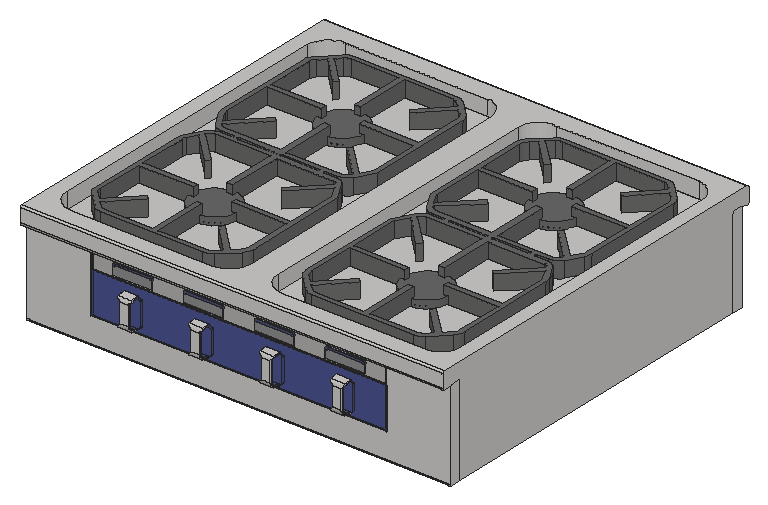
Revit family "QF_ELECTROLUXPROFESSIONAL_593307_MCGDABEOVO", category Specialty Equipment, Revit 2018
Family settings
  Round Connector Dimension = Use Diameter
  Part Type = Normal
  Work Plane-Based = No
  Always vertical = Yes
  Cut with Voids When Loaded = No
  Shared = No
  Room Calculation Point = No
Parameters (values of type "Standard")
  Weight = 41.00 kg
  Watts = 0 W
  Volts = 0 V
  URL Manufacturer = "http://professional.electrolux.com"
  URL = "http://professional.electrolux.com"
  Steam Supply Size = 0"
  Steam Supply Minimum Pressure = 0.00 psi
  Steam Supply Maximum Pressure = 0.00 psi
  Steam Pounds per Hour = 0
  Refrigeration Suction Line Size = 0 mm
  Refrigeration Liquid Line Size = 0 mm
  Refrigerant Compressor Remote = yes
  Phase = 0
  Model = "MCGDABEOVO"
  Manufacturer = "Electrolux Professional"
  Length Actual = 500 mm  # constant formula
  Item Number = "593307"
  Hot Water Size = 0"
  Height Actual = 250 mm  # constant formula
  HP = "0 HP"
  Gas Size = 1/2"
  Gas KW = 17
  Gas Input Pressure = 1.63571 Btu/h
  Direct Waste Size = 0"
  Description = "GAS TOP,2B,TOWNGAS,1S,BS,500X900X250H"
  Depth Actual = 900 mm  # constant formula
  Cycle = 0 Hz
  Condensate Return Size = 0"
  Compressed Air Volume = 0 GPM
  Compressed Air Size = 0"
  Compressed Air Pressure = 0.00 psi
  Cold Water Size = 0"
  Back Panel [instance] = yes
  Accessory = yes
Reference planes
  plane 1 "BACK": y = 0
  plane 2: z = 0
  plane 3 "LEFT": x = 0
  plane 4 "RIGHT": x = 1000
  plane 5 "FRONT": y = -900
  plane 6 "TOP": z = 250
  plane 7: x = 500
  plane 8: y = -450
  plane 9: z = 370
  plane 10: x = 965
  plane 11: y = -60.425
Forms (mm)
  Extrusion 1, solid, material "QF_Finishes_Stainless Steel"
    sketch origin (0, -487.128, 0) x (0, 1, 0) y (0, 0, 1)
      loop
        line (483.128, 250) -> (-408.872, 250)
        arc (-408.872, 250) -> (-411.7, 248.828) -> (-412.872, 246) r 4
        line (-412.872, 246) -> (-412.872, 214)
        arc (-412.872, 214) -> (-411.437, 210.931) -> (-408.161, 210.064) r 4
        line (-408.161, 210.064) -> (-392.872, 213) -> (-367.872, 213) -> (-367.872, 0) -> (441.714, 0) -> (441.714, 213) -> (465.765, 213) -> (482.433, 210.061)
        arc (482.433, 210.061) -> (485.699, 210.936) -> (487.128, 214) r 4
        line (487.128, 214) -> (487.128, 246)
        arc (487.128, 246) -> (485.956, 248.828) -> (483.128, 250) r 4
    from 0 to 1000
  Extrusion 2, solid, material "QF_Finishes_Stainless Steel", visible <- "Back Panel"
    sketch origin (0, 0.586, 0) x (0, 1, 0) y (0, 0, 1)
      loop
        line (-46, 0) -> (-21, 0) -> (-21, 212.833) -> (-21.949, 213) -> (-46, 213) -> (-46, 0)
    from 0 to 1000
  Extrusion 3, void
    sketch origin (653.786, 44.048, 250) x (1, 0, 0) y (0, -1, 0)
      loop
        line (-570.234, 89.462) -> (-234.333, 89.462)
        arc (-234.333, 89.462) -> (-199.707, 103.805) -> (-185.364, 138.432) r 48.97
        line (-185.364, 138.432) -> (-185.364, 850.078)
        arc (-185.364, 850.078) -> (-199.707, 884.705) -> (-234.333, 899.048) r 48.97
        line (-234.333, 899.048) -> (-570.234, 899.048)
        arc (-570.234, 899.048) -> (-605.59, 884.403) -> (-620.234, 849.048) r 50
        line (-620.234, 849.048) -> (-620.234, 139.462)
        arc (-620.234, 139.462) -> (-605.59, 104.107) -> (-570.234, 89.462) r 50
      loop
        line (264.679, 899.048) -> (-71.222, 899.048)
        arc (-71.222, 899.048) -> (-106.577, 884.403) -> (-121.222, 849.048) r 50
        line (-121.222, 849.048) -> (-121.222, 139.462)
        arc (-121.222, 139.462) -> (-106.577, 104.107) -> (-71.222, 89.462) r 50
        line (-71.222, 89.462) -> (264.679, 89.462)
        arc (264.679, 89.462) -> (299.306, 103.805) -> (313.649, 138.432) r 48.97
        line (313.649, 138.432) -> (313.649, 850.078)
        arc (313.649, 850.078) -> (299.306, 884.705) -> (264.679, 899.048) r 48.97
    from 0 to 37
  Extrusion 4, solid, material "QF_Finishes_Stainless Steel"
    sketch origin (10, -759, 0) x (1, 0, 0) y (0, -1, 0)
      loop
        circle (955, -169) r 6.35
    from 0 to 3.2
Cuts and joins
  Extrusion 3 cuts Extrusion 1
Lines and regions (mm)
  symbolic lines
    curve 1: line (0, 0, 0) -> (1000, 0, 0)
    curve 2: line (0, -900, 0) -> (0, 0, 0)
    curve 3: line (1000, -900, 0) -> (0, -900, 0)
    curve 4: line (1000, 0, 0) -> (1000, -900, 0)
    curve 5: arc (83.552, -855, 0) -> (48.197, -840.355, 0) -> (33.552, -805, 0) r 50
    curve 6: line (33.552, -805, 0) -> (33.552, -95.414, 0)
    curve 7: arc (33.552, -95.414, 0) -> (48.197, -60.059, 0) -> (83.552, -45.414, 0) r 50
    curve 8: line (83.552, -45.414, 0) -> (417.592, -45.414, 0)
    curve 9: arc (918.465, -45.414, 0) -> (953.092, -59.757, 0) -> (967.435, -94.384, 0) r 48.97
    curve 10: line (967.435, -94.384, 0) -> (967.435, -806.03, 0)
    curve 11: arc (967.435, -806.03, 0) -> (953.092, -840.657, 0) -> (918.465, -855, 0) r 48.97
    curve 12: line (918.465, -855, 0) -> (582.408, -855, 0)
    curve 13: line (582.408, -45.414, 0) -> (918.465, -45.414, 0)
    curve 14: line (417.592, -855, 0) -> (83.552, -855, 0)
    curve 15: arc (582.408, -855, 0) -> (547.053, -840.355, 0) -> (532.408, -805, 0) r 50
    curve 16: line (532.408, -805, 0) -> (532.408, -95.414, 0)
    curve 17: arc (532.408, -95.414, 0) -> (547.053, -60.059, 0) -> (582.408, -45.414, 0) r 50
    curve 18: arc (417.592, -855, 0) -> (452.947, -840.355, 0) -> (467.592, -805, 0) r 50
    curve 19: line (467.592, -805, 0) -> (467.592, -95.414, 0)
    curve 20: arc (467.592, -95.414, 0) -> (452.947, -60.059, 0) -> (417.592, -45.414, 0) r 50
Dimensions and locks
  plane 3 "LEFT" to plane 4 "RIGHT" = 1000 mm
  plane 5 "FRONT" to plane 1 "BACK" = 900 mm
  equal spacing: plane 3 "LEFT", plane 7, plane 4 "RIGHT"
  equal spacing: plane 5 "FRONT", plane 8, plane 1 "BACK"
  plane 6 "TOP" to level = 250 mm  (x2)
  plane 1 "BACK" to plane 5 "FRONT" = 900 mm
  Extrusion 4 sketch curve to plane 1 "BACK" = 590 mm
  Extrusion 4 sketch curve to plane 4 "RIGHT" = 35 mm
  plane 1 "BACK" to Extrusion 4 = 590 mm
  plane 10 to plane 4 "RIGHT" = 35 mm
  aligned and locked: level to plane 2
  aligned and locked: Extrusion 1 to plane 4 "RIGHT"
Automatic sketch dimensions
  Extrusion 1 sketch curve to plane 5 "FRONT" = 0 mm
  Extrusion 1 sketch curve to plane 6 "TOP" = 0 mm
  Extrusion 1 sketch curve to level = 0 mm
  Extrusion 1 sketch curve to plane 1 "BACK" = 0 mm
  Extrusion 1 sketch curve to plane 6 "TOP" = 37 mm  (x2)
  Extrusion 1 sketch curve to plane 5 "FRONT" = 4 mm
  Extrusion 1 sketch curve to plane 5 "FRONT" = 20 mm
  Extrusion 1 sketch curve to plane 5 "FRONT" = 45 mm
  plane 1 "BACK" to Extrusion 1 sketch curve = 21.363 mm
  plane 1 "BACK" to Extrusion 1 sketch curve = 4 mm  (x2)
  Extrusion 1 sketch curve to Extrusion 1 sketch curve = 4 mm
  Extrusion 1 sketch curve to Extrusion 1 sketch curve = 0.711 mm
  plane 1 "BACK" to Extrusion 1 sketch curve = 4.695 mm
  Extrusion 1 sketch curve to Extrusion 1 sketch curve = 0 mm  (x2)
  Extrusion 1 sketch curve to Extrusion 1 sketch curve = 1 mm  (x2)
  plane 1 "BACK" to Extrusion 1 sketch curve = 45.414 mm
  Extrusion 2 sketch curve to level = 0 mm
  plane 11 to Extrusion 2 sketch curve = 15.012 mm
  Extrusion 2 sketch curve to plane 6 "TOP" = 37.167 mm
  Extrusion 2 sketch curve to Extrusion 2 sketch curve = 0.949 mm
  plane 1 "BACK" to Extrusion 2 sketch curve = 20.414 mm
  Extrusion 2 sketch curve to plane 6 "TOP" = 37 mm
  plane 1 "BACK" to curve 1 = 0 mm
  curve 1 to plane 4 "RIGHT" = 0 mm
  curve 3 to plane 3 "LEFT" = 0 mm
  plane 5 "FRONT" to curve 3 = 0 mm
  curve 10 to plane 10 = 2.435 mm
  plane 11 to curve 13 = 15.012 mm
  plane 10 to curve 13 = 46.535 mm
  plane 10 to curve 12 = 46.535 mm
  plane 7 to curve 16 = 32.408 mm
  curve 19 to plane 7 = 32.408 mm
  plane 3 "LEFT" to curve 8 = 83.552 mm
  plane 3 "LEFT" to curve 14 = 83.552 mm
  plane 3 "LEFT" to curve 6 = 33.552 mm
  curve 15 to curve 16 = 50 mm
  curve 20 to plane 11 = 34.988 mm
  curve 18 to plane 5 "FRONT" = 45 mm
  curve 19 to curve 18 = 50 mm
  Extrusion 1 to Extrusion 3 sketch curve = 33.552 mm
  Extrusion 1 to Extrusion 3 sketch curve = 41 mm  (x2)
  Extrusion 3 sketch curve to Extrusion 3 sketch curve = 50 mm  (x4)
  Extrusion 1 to Extrusion 3 sketch curve = 41.414 mm
  Extrusion 3 sketch curve to Extrusion 3 sketch curve = 335.901 mm  (x2)
  Extrusion 3 sketch curve to Extrusion 3 sketch curve = 48.97 mm
  Extrusion 3 sketch curve to Extrusion 3 sketch curve = 64.142 mm
  Extrusion 1 to Extrusion 3 sketch curve = 81.535 mm  (x2)
  Extrusion 1 to Extrusion 3 sketch curve = 32.565 mm
  Extrusion 3 sketch curve to Extrusion 3 sketch curve = 1.03 mm
  curve 18 to curve 16 = 0 mm
  plane 11 to curve 8 = 15.012 mm
  curve 16 to plane 11 = 34.988 mm
  radius of Extrusion 4 sketch curve = 6.35 mm
Nested families
  nested 1: "OBT_900_Open Burner" at (250, -450.207, -649.319), type "OBT_900_Open Burner"
  nested 2: "OBT_900_Open Burner" at (750, -450.207, -649.319) x (-1, 0, 0) z (0, 0, 1), type "OBT_900_Open Burner"
  nested 3: "EG_900_1000_Four Range Control Handle Front Panel" at (202.376, -855, -650), type "EG_900_1000_Four Range Control Handle Front Panel"
Connectors
  piping at (965, -590, -3.2), diameter 12.8
    settings: on Extrusion 4, index 1, connector inside diameter 0.50394", connector length 0 mm, flow factor 0, pipe flow 0 GPM, pressure drop 0.00 psi, fitting loss kfactor 0, connector angle 0.00°, fixture units 0, engagement length 0 mm, angle of deflection 0.00°, flow configuration 1, flow direction 1, fitting loss method 0, system type 7, joint type 0, gender type 0, connector reference index -1, connector utility 0, adjustable connector no, is connector primary yes, connector description "GAS CONNECTION"
Definition of nested family "OBT_900_Open Burner"
  Reference planes
    plane 1 "Center (Front/Back)": y = 0
    plane 2: z = 0
    plane 3 "Center (Left/Right)": x = 0
    plane 4: x = -186.448
    plane 5: x = 187.435
    plane 6: y = 374.793
    plane 7: y = -374.793
    plane 8: y = -188.326
  Forms (mm)
    Extrusion 1, solid
      sketch origin (2130.573, 56.896, -679.622) x (1, 0, 0) y (0, 1, 0)
        loop
          line (-2137.44, 306.49) -> (-2250.793, 306.49)
          arc (-2250.793, 306.49) -> (-2257.908, 305.075) -> (-2263.94, 301.044) r 18.593
          line (-2263.94, 301.044) -> (-2276.233, 288.751) -> (-2213.48, 225.998) -> (-2221.6, 217.877) -> (-2284.354, 280.631) -> (-2300.33, 264.654)
          arc (-2300.33, 264.654) -> (-2304.433, 258.337) -> (-2305.614, 250.897) r 18.125
          line (-2305.614, 250.897) -> (-2305.614, 138.422) -> (-2175.79, 138.422) -> (-2175.79, 126.938) -> (-2305.614, 126.938) -> (-2305.614, 10.897)
          arc (-2305.614, 10.897) -> (-2304.981, 6.085) -> (-2303.123, 1.601) r 18.593
          line (-2303.123, 1.601) -> (-2290.078, -20.994) -> (-2221.6, 47.483) -> (-2213.48, 39.363) -> (-2284.012, -31.169)
          arc (-2284.012, -31.169) -> (-2278.546, -38.527) -> (-2270.23, -42.379) r 18.593
          line (-2270.23, -42.379) -> (-2137.44, -42.379) -> (-2137.44, 87.464) -> (-2123.707, 87.464) -> (-2123.707, -42.379) -> (-1989.813, -42.379)
          arc (-1989.813, -42.379) -> (-1981.496, -38.527) -> (-1976.031, -31.169) r 18.593
          line (-1976.031, -31.169) -> (-2047.115, 39.915) -> (-2038.994, 48.035) -> (-1969.962, -20.997) -> (-1954.428, 5.916) -> (-1954.428, 126.938) -> (-2085.357, 126.938) -> (-2085.357, 138.422) -> (-1954.428, 138.422) -> (-1954.428, 247.888)
          arc (-1954.428, 247.888) -> (-1956.538, 258.496) -> (-1962.547, 267.489) r 27.72
          line (-1962.547, 267.489) -> (-1975.689, 280.631) -> (-2038.994, 217.325) -> (-2047.115, 225.446) -> (-1983.809, 288.751) -> (-1996.102, 301.044)
          arc (-1996.102, 301.044) -> (-2002.134, 305.075) -> (-2009.25, 306.49) r 18.593
          line (-2009.25, 306.49) -> (-2123.707, 306.49) -> (-2123.707, 177.897) -> (-2137.44, 177.897) -> (-2137.44, 306.49)
        loop
          arc (-2317.021, 10.897) -> (-2315.999, 3.132) -> (-2313.002, -4.103) r 30
          line (-2313.002, -4.103) -> (-2292.795, -39.103)
          arc (-2292.795, -39.103) -> (-2281.814, -50.084) -> (-2266.814, -54.103) r 30
          line (-2266.814, -54.103) -> (-2239.287, -54.103)
          arc (-2239.287, -54.103) -> (-2238.243, -56) -> (-2236.272, -56.896) r 3.438
          arc (-2236.272, -56.896) -> (-2238.243, -57.792) -> (-2239.287, -59.689) r 3.438
          line (-2239.287, -59.689) -> (-2266.814, -59.689)
          arc (-2266.814, -59.689) -> (-2281.814, -63.708) -> (-2292.795, -74.689) r 30
          line (-2292.795, -74.689) -> (-2313.002, -109.689)
          arc (-2313.002, -109.689) -> (-2315.999, -116.924) -> (-2317.021, -124.689) r 30
          line (-2317.021, -124.689) -> (-2317.021, -365.461)
          arc (-2317.021, -365.461) -> (-2314.738, -376.941) -> (-2308.234, -386.674) r 30
          line (-2308.234, -386.674) -> (-2271.975, -422.933)
          arc (-2271.975, -422.933) -> (-2262.253, -429.414) -> (-2250.793, -431.689) r 30
          line (-2250.793, -431.689) -> (-2009.25, -431.689)
          arc (-2009.25, -431.689) -> (-1997.786, -429.412) -> (-1988.062, -422.928) r 30
          line (-1988.062, -422.928) -> (-1951.808, -386.674)
          arc (-1951.808, -386.674) -> (-1945.305, -376.941) -> (-1942.982, -365.461) r 30
          line (-1942.982, -365.461) -> (-1942.982, -116.719) -> (-1967.248, -74.689)
          arc (-1967.248, -74.689) -> (-1978.229, -63.708) -> (-1993.229, -59.689) r 30
          line (-1993.229, -59.689) -> (-2020.319, -59.689)
          arc (-2020.319, -59.689) -> (-2021.979, -57.759) -> (-2024.375, -56.896) r 5
          arc (-2024.375, -56.896) -> (-2021.979, -56.033) -> (-2020.319, -54.103) r 5
          line (-2020.319, -54.103) -> (-1993.229, -54.103)
          arc (-1993.229, -54.103) -> (-1978.229, -50.084) -> (-1967.248, -39.103) r 30
          line (-1967.248, -39.103) -> (-1943.138, 2.656) -> (-1943.138, 254.314)
          arc (-1943.138, 254.314) -> (-1945.839, 264.361) -> (-1951.808, 272.882) r 30
          line (-1951.808, 272.882) -> (-1988.062, 309.136)
          arc (-1988.062, 309.136) -> (-1997.786, 315.62) -> (-2009.25, 317.897) r 30
          line (-2009.25, 317.897) -> (-2250.793, 317.897)
          arc (-2250.793, 317.897) -> (-2262.253, 315.622) -> (-2271.975, 309.141) r 30
          line (-2271.975, 309.141) -> (-2308.234, 272.882)
          arc (-2308.234, 272.882) -> (-2314.738, 263.149) -> (-2317.021, 251.669) r 30
          line (-2317.021, 251.669) -> (-2317.021, 10.897)
        loop
          arc (-2122.397, -54.103) -> (-2124.057, -56.033) -> (-2126.452, -56.896) r 5
          arc (-2126.452, -56.896) -> (-2124.057, -57.759) -> (-2122.397, -59.689) r 5
          line (-2122.397, -59.689) -> (-2035.829, -59.689)
          arc (-2035.829, -59.689) -> (-2034.784, -57.792) -> (-2032.813, -56.896) r 3.438
          arc (-2032.813, -56.896) -> (-2034.784, -56) -> (-2035.829, -54.103) r 3.438
          line (-2035.829, -54.103) -> (-2122.397, -54.103)
        loop
          arc (-2223.778, -54.103) -> (-2225.438, -56.033) -> (-2227.833, -56.896) r 5
          arc (-2227.833, -56.896) -> (-2225.438, -57.759) -> (-2223.778, -59.689) r 5
          line (-2223.778, -59.689) -> (-2137.906, -59.689)
          arc (-2137.906, -59.689) -> (-2136.862, -57.792) -> (-2134.891, -56.896) r 3.438
          arc (-2134.891, -56.896) -> (-2136.862, -56) -> (-2137.906, -54.103) r 3.438
          line (-2137.906, -54.103) -> (-2223.778, -54.103)
        loop
          line (-2137.44, -420.282) -> (-2137.44, -290.439) -> (-2123.707, -290.439) -> (-2123.707, -420.282) -> (-2009.25, -420.282)
          arc (-2009.25, -420.282) -> (-2002.134, -418.867) -> (-1996.102, -414.836) r 18.593
          line (-1996.102, -414.836) -> (-1983.184, -401.918) -> (-2047.115, -337.988) -> (-2038.994, -329.867) -> (-1975.064, -393.798) -> (-1962.547, -381.281)
          arc (-1962.547, -381.281) -> (-1956.538, -372.288) -> (-1954.428, -361.68) r 27.72
          line (-1954.428, -361.68) -> (-1954.428, -250.964) -> (-2085.357, -250.964) -> (-2085.357, -239.48) -> (-1954.428, -239.48) -> (-1954.428, -119.708) -> (-1970.42, -92.003) -> (-2038.994, -160.577) -> (-2047.115, -152.457) -> (-1976.413, -81.755)
          arc (-1976.413, -81.755) -> (-1981.868, -74.971) -> (-1989.813, -71.413) r 18.593
          line (-1989.813, -71.413) -> (-2123.707, -71.413) -> (-2123.707, -200.006) -> (-2137.44, -200.006) -> (-2137.44, -71.413) -> (-2270.23, -71.413)
          arc (-2270.23, -71.413) -> (-2278.175, -74.971) -> (-2283.629, -81.755) r 18.593
          line (-2283.629, -81.755) -> (-2213.48, -151.905) -> (-2221.6, -160.025) -> (-2289.62, -92.005) -> (-2303.123, -115.393)
          arc (-2303.123, -115.393) -> (-2304.981, -119.877) -> (-2305.614, -124.689) r 18.593
          line (-2305.614, -124.689) -> (-2305.614, -239.48) -> (-2175.79, -239.48) -> (-2175.79, -250.964) -> (-2305.614, -250.964) -> (-2305.614, -364.689)
          arc (-2305.614, -364.689) -> (-2304.433, -372.129) -> (-2300.33, -378.446) r 18.125
          line (-2300.33, -378.446) -> (-2284.979, -393.798) -> (-2221.6, -330.419) -> (-2213.48, -338.54) -> (-2276.858, -401.918) -> (-2263.94, -414.836)
          arc (-2263.94, -414.836) -> (-2257.908, -418.867) -> (-2250.793, -420.282) r 18.593
          line (-2250.793, -420.282) -> (-2137.44, -420.282)
      from 1542.072 to 1578.941
    Extrusion 2, solid
      sketch origin (2130.573, 61.122, 0) x (1, 0, 0) y (0, 1, 0)
        loop
          circle (-2130.573, -249.448) r 55
        loop
          circle (-2130.573, 128.455) r 55
      from 862.45 to 879.837
    Extrusion 3, void
      sketch origin (-124.371, -355.785, -22.784) x (-0.587785, -0.809017, 0) y (0, 0, 1)
        loop
          circle (-213.495, 891.283) r 1
      from -67.69 to -35.114
    Extrusion 4, void
      sketch origin (-89.903, -376.417, -22.784) x (-0.422618, -0.906308, 0) y (0, 0, 1)
        loop
          circle (-213.495, 891.283) r 1
      from -74.826 to -35.114
    Extrusion 5, void
      sketch origin (-52.131, -390.093, -22.784) x (-0.241922, -0.970296, 0) y (0, 0, 1)
        loop
          circle (-213.495, 891.283) r 1
      from -67.69 to -35.114
    Extrusion 6, void
      sketch origin (27.702, -394.842, -22.784) x (0.139173, -0.990268, 0) y (0, 0, 1)
        loop
          circle (-213.495, 891.283) r 1
      from -67.69 to -35.114
    Extrusion 7, void
      sketch origin (66.829, -385.74, -22.784) x (0.325568, -0.945519, 0) y (0, 0, 1)
        loop
          circle (-213.495, 891.283) r 1
      from -67.69 to -35.114
    Extrusion 8, void
      sketch origin (103.5, -369.339, -22.784) x (0.5, -0.866025, 0) y (0, 0, 1)
        loop
          circle (-213.495, 891.283) r 1
      from -67.69 to -35.114
    Extrusion 9, void
      sketch origin (136.368, -346.242, -22.784) x (0.656059, -0.75471, 0) y (0, 0, 1)
        loop
          circle (-213.495, 891.283) r 1
      from -67.69 to -35.114
    Extrusion 10, void
      sketch origin (164.225, -317.298, -22.784) x (0.788011, -0.615661, 0) y (0, 0, 1)
        loop
          circle (-213.495, 891.283) r 1
      from -67.69 to -35.114
    Extrusion 11, void
      sketch origin (186.048, -283.571, -22.784) x (0.891007, -0.45399, 0) y (0, 0, 1)
        loop
          circle (-213.495, 891.283) r 1
      from -67.69 to -35.114
    Extrusion 12, void
      sketch origin (201.034, -246.299, -22.784) x (0.961262, -0.275637, 0) y (0, 0, 1)
        loop
          circle (-213.495, 891.283) r 1
      from -67.69 to -35.114
    Extrusion 13, void
      sketch origin (208.566, -166.681, -22.784) x (0.994522, 0.104528, 0) y (0, 0, 1)
        loop
          circle (-213.495, 891.283) r 1
      from -67.69 to -35.114
    Extrusion 14, void
      sketch origin (200.835, -127.26, -22.784) x (0.956305, 0.292372, 0) y (0, 0, 1)
        loop
          circle (-213.495, 891.283) r 1
      from -67.69 to -35.114
    Extrusion 15, void
      sketch origin (185.724, -90.039, -22.784) x (0.882948, 0.469472, 0) y (0, 0, 1)
        loop
          circle (-213.495, 891.283) r 1
      from -67.69 to -35.114
    Extrusion 16, void
      sketch origin (163.788, -56.385, -22.784) x (0.777146, 0.62932, 0) y (0, 0, 1)
        loop
          circle (-213.495, 891.283) r 1
      from -67.69 to -35.114
    Extrusion 17, void
      sketch origin (135.834, -27.534, -22.784) x (0.642788, 0.766044, 0) y (0, 0, 1)
        loop
          circle (-213.495, 891.283) r 1
      from -67.69 to -35.114
    Extrusion 18, void
      sketch origin (102.889, -4.548, -22.784) x (0.48481, 0.87462, 0) y (0, 0, 1)
        loop
          circle (-213.495, 891.283) r 1
      from -67.69 to -35.114
    Extrusion 19, void
      sketch origin (66.163, 11.73, -22.784) x (0.309017, 0.951057, 0) y (0, 0, 1)
        loop
          circle (-213.495, 891.283) r 1
      from -67.69 to -35.114
    Extrusion 20, void
      sketch origin (-52.811, 15.685, -22.784) x (-0.258819, 0.965926, 0) y (0, 0, 1)
        loop
          circle (-213.495, 891.283) r 1
      from -67.69 to -35.114
    Extrusion 21, void
      sketch origin (-90.537, 1.882, -22.784) x (-0.438371, 0.898794, 0) y (0, 0, 1)
        loop
          circle (-213.495, 891.283) r 1
      from -67.69 to -35.114
    Extrusion 22, void
      sketch origin (-124.936, -18.865, -22.784) x (-0.601815, 0.798636, 0) y (0, 0, 1)
        loop
          circle (-213.495, 891.283) r 1
      from -67.69 to -35.114
    Extrusion 23, void
      sketch origin (-154.744, -45.796, -22.784) x (-0.743145, 0.669131, 0) y (0, 0, 1)
        loop
          circle (-213.495, 891.283) r 1
      from -67.69 to -35.114
    Extrusion 24, void
      sketch origin (-178.866, -77.919, -22.784) x (-0.857167, 0.515038, 0) y (0, 0, 1)
        loop
          circle (-213.495, 891.283) r 1
      from -67.69 to -35.114
    Extrusion 25, void
      sketch origin (-196.416, -114.054, -22.784) x (-0.939693, 0.34202, 0) y (0, 0, 1)
        loop
          circle (-213.495, 891.283) r 1
      from -67.69 to -35.114
    Extrusion 26, void
      sketch origin (-204.521, -232.817, -22.784) x (-0.97437, -0.224951, 0) y (0, 0, 1)
        loop
          circle (-213.495, 891.283) r 1
      from -67.69 to -35.114
    Extrusion 27, void
      sketch origin (-192.043, -271.002, -22.784) x (-0.913545, -0.406737, 0) y (0, 0, 1)
        loop
          circle (-213.495, 891.283) r 1
      from -67.69 to -35.114
    Extrusion 28, void
      sketch origin (-172.509, -306.104, -22.784) x (-0.819152, -0.573576, 0) y (0, 0, 1)
        loop
          circle (-213.495, 891.283) r 1
      from -67.69 to -35.114
    Extrusion 29, void
      sketch origin (-146.635, -336.834, -22.784) x (-0.694658, -0.71934, 0) y (0, 0, 1)
        loop
          circle (-213.495, 891.283) r 1
      from -67.69 to -35.114
    Extrusion 30, void
      sketch origin (-124.371, 22.118, -22.784) x (-0.587785, -0.809017, 0) y (0, 0, 1)
        loop
          circle (-213.495, 891.283) r 1
      from -67.69 to -35.114
    Extrusion 31, void
      sketch origin (-89.903, 1.485, -22.784) x (-0.422618, -0.906308, 0) y (0, 0, 1)
        loop
          circle (-213.495, 891.283) r 1
      from -74.826 to -35.114
    Extrusion 32, void
      sketch origin (-52.131, -12.191, -22.784) x (-0.241922, -0.970296, 0) y (0, 0, 1)
        loop
          circle (-213.495, 891.283) r 1
      from -67.69 to -35.114
    Extrusion 33, void
      sketch origin (27.702, -16.939, -22.784) x (0.139173, -0.990268, 0) y (0, 0, 1)
        loop
          circle (-213.495, 891.283) r 1
      from -67.69 to -35.114
    Extrusion 34, void
      sketch origin (66.829, -7.837, -22.784) x (0.325568, -0.945519, 0) y (0, 0, 1)
        loop
          circle (-213.495, 891.283) r 1
      from -67.69 to -35.114
    Extrusion 35, void
      sketch origin (103.5, 8.564, -22.784) x (0.5, -0.866025, 0) y (0, 0, 1)
        loop
          circle (-213.495, 891.283) r 1
      from -67.69 to -35.114
    Extrusion 36, void
      sketch origin (136.368, 31.66, -22.784) x (0.656059, -0.75471, 0) y (0, 0, 1)
        loop
          circle (-213.495, 891.283) r 1
      from -67.69 to -35.114
    Extrusion 37, void
      sketch origin (164.225, 60.604, -22.784) x (0.788011, -0.615661, 0) y (0, 0, 1)
        loop
          circle (-213.495, 891.283) r 1
      from -67.69 to -35.114
    Extrusion 38, void
      sketch origin (186.048, 94.332, -22.784) x (0.891007, -0.45399, 0) y (0, 0, 1)
        loop
          circle (-213.495, 891.283) r 1
      from -67.69 to -35.114
    Extrusion 39, void
      sketch origin (201.034, 131.603, -22.784) x (0.961262, -0.275637, 0) y (0, 0, 1)
        loop
          circle (-213.495, 891.283) r 1
      from -67.69 to -35.114
    Extrusion 40, void
      sketch origin (208.566, 211.222, -22.784) x (0.994522, 0.104528, 0) y (0, 0, 1)
        loop
          circle (-213.495, 891.283) r 1
      from -67.69 to -35.114
    Extrusion 41, void
      sketch origin (200.835, 250.642, -22.784) x (0.956305, 0.292372, 0) y (0, 0, 1)
        loop
          circle (-213.495, 891.283) r 1
      from -67.69 to -35.114
    Extrusion 42, void
      sketch origin (185.724, 287.864, -22.784) x (0.882948, 0.469472, 0) y (0, 0, 1)
        loop
          circle (-213.495, 891.283) r 1
      from -67.69 to -35.114
    Extrusion 43, void
      sketch origin (163.788, 321.518, -22.784) x (0.777146, 0.62932, 0) y (0, 0, 1)
        loop
          circle (-213.495, 891.283) r 1
      from -67.69 to -35.114
    Extrusion 44, void
      sketch origin (135.834, 350.368, -22.784) x (0.642788, 0.766044, 0) y (0, 0, 1)
        loop
          circle (-213.495, 891.283) r 1
      from -67.69 to -35.114
    Extrusion 45, void
      sketch origin (102.889, 373.355, -22.784) x (0.48481, 0.87462, 0) y (0, 0, 1)
        loop
          circle (-213.495, 891.283) r 1
      from -67.69 to -35.114
    Extrusion 46, void
      sketch origin (66.163, 389.633, -22.784) x (0.309017, 0.951057, 0) y (0, 0, 1)
        loop
          circle (-213.495, 891.283) r 1
      from -67.69 to -35.114
    Extrusion 47, void
      sketch origin (-52.811, 393.588, -22.784) x (-0.258819, 0.965926, 0) y (0, 0, 1)
        loop
          circle (-213.495, 891.283) r 1
      from -67.69 to -35.114
    Extrusion 48, void
      sketch origin (-90.537, 379.785, -22.784) x (-0.438371, 0.898794, 0) y (0, 0, 1)
        loop
          circle (-213.495, 891.283) r 1
      from -67.69 to -35.114
    Extrusion 49, void
      sketch origin (-124.936, 359.037, -22.784) x (-0.601815, 0.798636, 0) y (0, 0, 1)
        loop
          circle (-213.495, 891.283) r 1
      from -67.69 to -35.114
    Extrusion 50, void
      sketch origin (-154.744, 332.107, -22.784) x (-0.743145, 0.669131, 0) y (0, 0, 1)
        loop
          circle (-213.495, 891.283) r 1
      from -67.69 to -35.114
    Extrusion 51, void
      sketch origin (-178.866, 299.984, -22.784) x (-0.857167, 0.515038, 0) y (0, 0, 1)
        loop
          circle (-213.495, 891.283) r 1
      from -67.69 to -35.114
    Extrusion 52, void
      sketch origin (-196.416, 263.848, -22.784) x (-0.939693, 0.34202, 0) y (0, 0, 1)
        loop
          circle (-213.495, 891.283) r 1
      from -67.69 to -35.114
    Extrusion 53, void
      sketch origin (-204.521, 145.086, -22.784) x (-0.97437, -0.224951, 0) y (0, 0, 1)
        loop
          circle (-213.495, 891.283) r 1
      from -67.69 to -35.114
    Extrusion 54, void
      sketch origin (-192.043, 106.901, -22.784) x (-0.913545, -0.406737, 0) y (0, 0, 1)
        loop
          circle (-213.495, 891.283) r 1
      from -67.69 to -35.114
    Extrusion 55, void
      sketch origin (-172.509, 71.798, -22.784) x (-0.819152, -0.573576, 0) y (0, 0, 1)
        loop
          circle (-213.495, 891.283) r 1
      from -67.69 to -35.114
    Extrusion 56, void
      sketch origin (-146.635, 41.068, -22.784) x (-0.694658, -0.71934, 0) y (0, 0, 1)
        loop
          circle (-213.495, 891.283) r 1
      from -67.69 to -35.114
  Cuts and joins
    Extrusion 3, Extrusion 4, Extrusion 5, Extrusion 6, Extrusion 7, Extrusion 8, Extrusion 9, Extrusion 10, Extrusion 11, Extrusion 12, Extrusion 13, Extrusion 14, Extrusion 15, Extrusion 16, Extrusion 17, Extrusion 18, Extrusion 19, Extrusion 20, Extrusion 21, Extrusion 22, Extrusion 23, Extrusion 24, Extrusion 25, Extrusion 26, Extrusion 27, Extrusion 28, Extrusion 29, Extrusion 30, Extrusion 31, Extrusion 32, Extrusion 33, Extrusion 34, Extrusion 35, Extrusion 36, Extrusion 37, Extrusion 38, Extrusion 39, Extrusion 40, Extrusion 41, Extrusion 42, Extrusion 43, Extrusion 44, Extrusion 45, Extrusion 46, Extrusion 47, Extrusion 48, Extrusion 49, Extrusion 50, Extrusion 51, Extrusion 52, Extrusion 53, Extrusion 54, Extrusion 55, Extrusion 56 cuts Extrusion 2
    Extrusion 32 cuts Extrusion 1
  Lines and regions (mm)
    symbolic lines
      curve 1: arc (54.699, -182.584, 0) -> (39.289, -149.838, 0) -> (6.867, -133.757, 0) r 55
      curve 2: arc (-54.699, -194.068, 0) -> (-39.289, -226.815, 0) -> (-6.867, -242.896, 0) r 55
      curve 3: line (45.217, -194.068, 0) -> (176.145, -194.068, 0)
      curve 4: line (176.145, -194.068, 0) -> (176.145, -304.784, 0)
      curve 5: arc (176.145, -304.784, 0) -> (174.035, -315.392, 0) -> (168.026, -324.385, 0) r 27.72
      curve 6: line (168.026, -324.385, 0) -> (155.51, -336.902, 0)
      curve 7: line (155.51, -336.902, 0) -> (91.579, -272.971, 0)
      curve 8: line (83.459, -281.092, 0) -> (147.389, -345.022, 0)
      curve 9: line (147.389, -345.022, 0) -> (134.471, -357.94, 0)
      curve 10: arc (134.471, -357.94, 0) -> (128.439, -361.971, 0) -> (121.324, -363.386, 0) r 18.593
      curve 11: line (121.324, -363.386, 0) -> (6.867, -363.386, 0)
      curve 12: line (6.867, -363.386, 0) -> (6.867, -233.543, 0)
      curve 13: line (-6.867, -233.543, 0) -> (-6.867, -363.386, 0)
      curve 14: line (-6.867, -363.386, 0) -> (-120.219, -363.386, 0)
      curve 15: arc (-120.219, -363.386, 0) -> (-127.335, -361.971, 0) -> (-133.367, -357.94, 0) r 18.593
      curve 16: line (-133.367, -357.94, 0) -> (-146.285, -345.022, 0)
      curve 17: line (-146.285, -345.022, 0) -> (-82.906, -281.644, 0)
      curve 18: line (-91.027, -273.523, 0) -> (-154.405, -336.902, 0)
      curve 19: line (-154.405, -336.902, 0) -> (-169.757, -321.55, 0)
      curve 20: arc (-169.757, -321.55, 0) -> (-173.86, -315.233, 0) -> (-175.041, -307.793, 0) r 18.125
      curve 21: line (-175.041, -307.793, 0) -> (-175.041, -194.068, 0)
      curve 22: line (-175.041, -194.068, 0) -> (-45.217, -194.068, 0)
      curve 23: line (-45.217, -182.584, 0) -> (-175.041, -182.584, 0)
      curve 24: line (-175.041, -182.584, 0) -> (-175.041, -67.793, 0)
      curve 25: arc (-175.041, -67.793, 0) -> (-174.407, -62.981, 0) -> (-172.55, -58.497, 0) r 18.593
      curve 26: line (-172.55, -58.497, 0) -> (-159.047, -35.109, 0)
      curve 27: line (-159.047, -35.109, 0) -> (-91.027, -103.129, 0)
      curve 28: line (-82.906, -95.009, 0) -> (-153.056, -24.859, 0)
      curve 29: arc (-153.056, -24.859, 0) -> (-147.601, -18.075, 0) -> (-139.656, -14.517, 0) r 18.593
      curve 30: line (-139.656, -14.517, 0) -> (-6.867, -14.517, 0)
      curve 31: line (-6.867, -14.517, 0) -> (-6.867, -143.11, 0)
      curve 32: line (6.867, -143.11, 0) -> (6.867, -14.517, 0)
      curve 33: line (6.867, -14.517, 0) -> (140.761, -14.517, 0)
      curve 34: arc (140.761, -14.517, 0) -> (148.706, -18.075, 0) -> (154.16, -24.859, 0) r 18.593
      curve 35: line (154.16, -24.859, 0) -> (83.459, -95.561, 0)
      curve 36: line (91.579, -103.681, 0) -> (160.154, -35.107, 0)
      curve 37: line (160.154, -35.107, 0) -> (176.145, -62.812, 0)
      curve 38: line (176.145, -62.812, 0) -> (176.145, -182.584, 0)
      curve 39: line (176.145, -182.584, 0) -> (45.217, -182.584, 0)
      curve 40: line (187.592, -59.823, 0) -> (163.326, -17.793, 0)
      curve 41: arc (163.326, -17.793, 0) -> (152.345, -6.812, 0) -> (137.345, -2.793, 0) r 30
      curve 42: line (137.345, -2.793, 0) -> (110.254, -2.793, 0)
      curve 43: arc (110.254, -2.793, 0) -> (108.594, -0.863, 0) -> (106.199, 0, 0) r 5
      curve 44: arc (106.199, 0, 0) -> (108.594, 0.863, 0) -> (110.254, 2.793, 0) r 5
      curve 45: line (110.254, 2.793, 0) -> (137.345, 2.793, 0)
      curve 46: arc (137.345, 2.793, 0) -> (152.345, 6.812, 0) -> (163.326, 17.793, 0) r 30
      curve 47: line (163.326, 17.793, 0) -> (187.435, 59.552, 0)
      curve 48: line (187.435, 59.552, 0) -> (187.435, 311.21, 0)
      curve 49: arc (187.435, 311.21, 0) -> (184.735, 321.257, 0) -> (178.765, 329.778, 0) r 30
      curve 50: line (178.765, 329.778, 0) -> (142.511, 366.032, 0)
      curve 51: arc (142.511, 366.032, 0) -> (132.788, 372.516, 0) -> (121.324, 374.793, 0) r 30
      curve 52: line (121.324, 374.793, 0) -> (-120.219, 374.793, 0)
      curve 53: arc (-120.219, 374.793, 0) -> (-131.68, 372.518, 0) -> (-141.401, 366.037, 0) r 30
      curve 54: line (-141.401, 366.037, 0) -> (-177.661, 329.778, 0)
      curve 55: arc (-177.661, 329.778, 0) -> (-184.164, 320.045, 0) -> (-186.448, 308.565, 0) r 30
      curve 56: line (-186.448, 308.565, 0) -> (-186.448, 67.793, 0)
      curve 57: arc (-186.448, 67.793, 0) -> (-185.426, 60.028, 0) -> (-182.429, 52.793, 0) r 30
      curve 58: line (-182.429, 52.793, 0) -> (-162.221, 17.793, 0)
      curve 59: arc (-162.221, 17.793, 0) -> (-151.241, 6.812, 0) -> (-136.241, 2.793, 0) r 30
      curve 60: line (-136.241, 2.793, 0) -> (-108.714, 2.793, 0)
      curve 61: arc (-108.714, 2.793, 0) -> (-107.669, 0.896, 0) -> (-105.698, 0, 0) r 3.438
      curve 62: arc (-105.698, 0, 0) -> (-107.669, -0.896, 0) -> (-108.714, -2.793, 0) r 3.438
      curve 63: line (-108.714, -2.793, 0) -> (-136.241, -2.793, 0)
      curve 64: arc (-136.241, -2.793, 0) -> (-151.241, -6.812, 0) -> (-162.221, -17.793, 0) r 30
      curve 65: line (-162.221, -17.793, 0) -> (-182.429, -52.793, 0)
      curve 66: arc (-182.429, -52.793, 0) -> (-185.426, -60.028, 0) -> (-186.448, -67.793, 0) r 30
      curve 67: line (-186.448, -67.793, 0) -> (-186.448, -308.565, 0)
      curve 68: arc (-186.448, -308.565, 0) -> (-184.164, -320.045, 0) -> (-177.661, -329.778, 0) r 30
      curve 69: line (-177.661, -329.778, 0) -> (-141.401, -366.037, 0)
      curve 70: arc (-141.401, -366.037, 0) -> (-131.68, -372.518, 0) -> (-120.219, -374.793, 0) r 30
      curve 71: line (-120.219, -374.793, 0) -> (121.324, -374.793, 0)
      curve 72: arc (121.324, -374.793, 0) -> (132.788, -372.516, 0) -> (142.511, -366.032, 0) r 30
      curve 73: line (142.511, -366.032, 0) -> (178.765, -329.778, 0)
      curve 74: arc (178.765, -329.778, 0) -> (185.269, -320.045, 0) -> (187.552, -308.565, 0) r 30
      curve 75: line (187.592, -308.565, 0) -> (187.592, -59.823, 0)
      curve 76: line (94.745, -2.793, 0) -> (8.177, -2.793, 0)
      curve 77: arc (8.177, -2.793, 0) -> (6.517, -0.863, 0) -> (4.121, 0, 0) r 5
      curve 78: arc (4.121, 0, 0) -> (6.517, 0.863, 0) -> (8.177, 2.793, 0) r 5
      curve 79: line (8.177, 2.793, 0) -> (94.745, 2.793, 0)
      curve 80: arc (94.745, 2.793, 0) -> (95.789, 0.896, 0) -> (97.76, 0, 0) r 3.438
      curve 81: arc (97.76, 0, 0) -> (95.789, -0.896, 0) -> (94.745, -2.793, 0) r 3.438
      curve 82: line (-7.333, -2.793, 0) -> (-93.204, -2.793, 0)
      curve 83: arc (-93.204, -2.793, 0) -> (-94.864, -0.863, 0) -> (-97.26, 0, 0) r 5
      curve 84: arc (-97.26, 0, 0) -> (-94.864, 0.863, 0) -> (-93.204, 2.793, 0) r 5
      curve 85: line (-93.204, 2.793, 0) -> (-7.333, 2.793, 0)
      curve 86: arc (-7.333, 2.793, 0) -> (-6.288, 0.896, 0) -> (-4.317, 0, 0) r 3.438
      curve 87: arc (-4.317, 0, 0) -> (-6.288, -0.896, 0) -> (-7.333, -2.793, 0) r 3.438
      curve 88: line (-6.867, 14.517, 0) -> (-139.656, 14.517, 0)
      curve 89: arc (-139.656, 14.517, 0) -> (-147.973, 18.369, 0) -> (-153.438, 25.727, 0) r 18.593
      curve 90: line (-153.438, 25.727, 0) -> (-82.906, 96.259, 0)
      curve 91: line (-91.027, 104.379, 0) -> (-159.504, 35.902, 0)
      curve 92: line (-159.504, 35.902, 0) -> (-172.55, 58.497, 0)
      curve 93: arc (-172.55, 58.497, 0) -> (-174.407, 62.981, 0) -> (-175.041, 67.793, 0) r 18.593
      curve 94: line (-175.041, 67.793, 0) -> (-175.041, 183.834, 0)
      curve 95: line (-175.041, 183.834, 0) -> (-45.217, 183.834, 0)
      curve 96: line (-45.217, 195.318, 0) -> (-175.041, 195.318, 0)
      curve 97: line (-175.041, 195.318, 0) -> (-175.041, 307.793, 0)
      curve 98: arc (-175.041, 307.793, 0) -> (-173.86, 315.233, 0) -> (-169.757, 321.55, 0) r 18.125
      curve 99: line (-169.757, 321.55, 0) -> (-153.78, 337.527, 0)
      curve 100: line (-153.78, 337.527, 0) -> (-91.027, 274.773, 0)
      curve 101: line (-91.027, 274.773, 0) -> (-82.906, 282.894, 0)
      curve 102: line (-82.906, 282.894, 0) -> (-145.66, 345.647, 0)
      curve 103: line (-145.66, 345.647, 0) -> (-133.367, 357.94, 0)
      curve 104: arc (-133.367, 357.94, 0) -> (-127.335, 361.971, 0) -> (-120.219, 363.386, 0) r 18.593
      curve 105: line (-120.219, 363.386, 0) -> (-6.867, 363.386, 0)
      curve 106: line (-6.867, 363.386, 0) -> (-6.867, 234.793, 0)
      curve 107: line (-6.867, 234.793, 0) -> (6.867, 234.793, 0)
      curve 108: line (6.867, 234.793, 0) -> (6.867, 363.386, 0)
      curve 109: line (6.867, 363.386, 0) -> (121.324, 363.386, 0)
      curve 110: arc (121.324, 363.386, 0) -> (128.439, 361.971, 0) -> (134.471, 357.94, 0) r 18.593
      curve 111: line (134.471, 357.94, 0) -> (146.764, 345.647, 0)
      curve 112: line (146.764, 345.647, 0) -> (83.459, 282.342, 0)
      curve 113: line (91.579, 274.221, 0) -> (154.885, 337.527, 0)
      curve 114: line (154.885, 337.527, 0) -> (168.026, 324.385, 0)
      curve 115: arc (168.026, 324.385, 0) -> (174.035, 315.392, 0) -> (176.145, 304.784, 0) r 27.72
      curve 116: line (176.145, 304.784, 0) -> (176.145, 195.318, 0)
      curve 117: line (176.145, 195.318, 0) -> (45.217, 195.318, 0)
      curve 118: line (45.217, 183.834, 0) -> (176.145, 183.834, 0)
      curve 119: line (176.145, 183.834, 0) -> (176.145, 62.812, 0)
      curve 120: line (176.145, 62.812, 0) -> (160.611, 35.899, 0)
      curve 121: line (160.611, 35.899, 0) -> (91.579, 104.931, 0)
      curve 122: line (83.459, 96.811, 0) -> (154.543, 25.727, 0)
      curve 123: arc (154.543, 25.727, 0) -> (149.077, 18.369, 0) -> (140.761, 14.517, 0) r 18.593
      curve 124: line (140.761, 14.517, 0) -> (6.867, 14.517, 0)
      curve 125: line (6.867, 14.517, 0) -> (6.867, 144.36, 0)
      curve 126: line (6.867, 144.36, 0) -> (-6.867, 144.36, 0)
      curve 127: line (-6.867, 144.36, 0) -> (-6.867, 14.517, 0)
      curve 128: arc (-54.699, 183.834, 0) -> (-39.289, 151.088, 0) -> (-6.867, 135.007, 0) r 55
      curve 129: arc (54.699, 195.318, 0) -> (39.289, 228.065, 0) -> (6.867, 244.146, 0) r 55
      curve 130: arc (-6.867, 244.146, 0) -> (-39.289, 228.065, 0) -> (-54.699, 195.318, 0) r 55
      curve 131: arc (6.867, 135.007, 0) -> (39.289, 151.088, 0) -> (54.699, 183.834, 0) r 55
      curve 132: arc (-6.867, -133.757, 0) -> (-39.289, -149.838, 0) -> (-54.699, -182.584, 0) r 55
      curve 133: arc (6.867, -242.896, 0) -> (39.289, -226.815, 0) -> (54.699, -194.068, 0) r 55
      curve 134: line (-45.217, 183.834, 0) -> (-45.217, 195.318, 0)
      curve 135: line (45.217, 195.318, 0) -> (45.217, 183.834, 0)
      curve 136: line (91.579, 274.221, 0) -> (83.459, 282.342, 0)
      curve 137: line (-91.027, 104.379, 0) -> (-82.906, 96.259, 0)
      curve 138: line (91.579, 104.931, 0) -> (83.459, 96.811, 0)
      curve 139: line (-91.027, -103.129, 0) -> (-82.906, -95.009, 0)
      curve 140: line (83.459, -95.561, 0) -> (91.579, -103.681, 0)
      curve 141: line (45.217, -182.584, 0) -> (45.217, -194.068, 0)
      curve 142: line (-6.867, -143.11, 0) -> (6.867, -143.11, 0)
      curve 143: line (-45.217, -194.068, 0) -> (-45.217, -182.584, 0)
      curve 144: line (6.867, -233.543, 0) -> (-6.867, -233.543, 0)
      curve 145: line (91.579, -272.971, 0) -> (83.459, -281.092, 0)
      curve 146: line (-82.906, -281.644, 0) -> (-91.027, -273.523, 0)
  Dimensions and locks
    plane 5 to plane 4 = 373.883 mm
    equal spacing: Extrusion 1 sketch curve, plane 3 "Center (Left/Right)", Extrusion 1 sketch curve
Definition of nested family "EG_900_1000_Four Range Control Handle Front Panel"
  Reference planes
    plane 1 "Center (Front/Back)": y = 0
    plane 2: z = 0
    plane 3 "Center (Left/Right)": x = 297.624
    plane 4: x = -202.376
    plane 5: x = 797.624
    plane 6: y = -45
  Forms (mm)
    Extrusion 1, solid
      sketch origin (833.217, 829.203, -1.25) x (0, 1, 0) y (0, 0, 1)
        loop
          arc (-854.203, 654.25) -> (-853.324, 652.129) -> (-851.203, 651.25) r 3
          line (-851.203, 651.25) -> (-829.203, 651.25) -> (-829.203, 864.25) -> (-854.203, 864.25) -> (-854.203, 654.25)
      from -1035.593 to -35.593
    Extrusion 2, void
      sketch origin (33.217, 829.203, -1.25) x (1, 0, 0) y (0, 0, 1)
        loop
          line (-85.593, 855.116) -> (-85.593, 713.116) -> (614.407, 713.116) -> (614.407, 855.116) -> (-85.593, 855.116)
      from 848.59 to 854.203
  Cuts and joins
    Extrusion 2 cuts Extrusion 1
  Dimensions and locks
    equal spacing: plane 5, plane 3 "Center (Left/Right)", plane 4
    plane 5 to plane 4 = 1000 mm
    aligned and locked: cut or joined group of Extrusion 1, Extrusion 2 to plane 4
    aligned and locked: plane 5 to cut or joined group of Extrusion 1, Extrusion 2
    aligned and locked: plane 3 "Center (Left/Right)" to nested 2
    aligned and locked: cut or joined group of Extrusion 1, Extrusion 2 to nested 2
  Automatic sketch dimensions
    Extrusion 1 sketch curve to plane 1 "Center (Front/Back)" = 0 mm
    plane 1 "Center (Front/Back)" to Extrusion 1 sketch curve = 22 mm
    Extrusion 1 sketch curve to Extrusion 1 sketch curve = 3 mm
    level to Extrusion 1 sketch curve = 650 mm
    Extrusion 1 sketch curve to Extrusion 1 sketch curve = 210 mm
    plane 4 to Extrusion 2 sketch curve = 150 mm
    Extrusion 2 sketch curve to plane 5 = 150 mm
    level to Extrusion 2 sketch curve = 711.866 mm
    Extrusion 2 sketch curve to Extrusion 2 sketch curve = 142 mm
  Nested families
    nested 1: "Range Control Handle" at (46.32, -28.137, -209.113) x (-1, 0, 0) z (0, 0, 1), type "Range Control Handle"
    nested 2: "glass conrol panel" at (297.624, 280.644, 2.752), type "glass conrol panel"
    nested 3: "Range Control Handle" at (213.82, -28.137, -209.113) x (-1, 0, 0) z (0, 0, 1), type "Range Control Handle"
    nested 4: "Range Control Handle" at (381.32, -28.137, -209.113) x (-1, 0, 0) z (0, 0, 1), type "Range Control Handle"
    nested 5: "Range Control Handle" at (548.82, -28.137, -209.113) x (-1, 0, 0) z (0, 0, 1), type "Range Control Handle"
  Definition of nested family "Range Control Handle"
    Reference planes
      plane 1 "Center (Front/Back)": y = 0
      plane 2: z = 0
      plane 3 "Center (Left/Right)": x = 0
      plane 4: z = 971.092
      plane 5: y = -16.9
    Forms (mm)
      Extrusion 1, solid
        sketch origin (-746.28, 380.497, 208.931) x (-1, 0, 0) y (0, 0, 1)
          loop
            line (-770.101, 786.798) -> (-770.101, 731.649)
            arc (-770.101, 731.649) -> (-769.759, 730.563) -> (-768.855, 729.87) r 1.893
            line (-768.855, 729.87) -> (-763.474, 727.911) -> (-729.81, 727.911) -> (-724.428, 729.87)
            arc (-724.428, 729.87) -> (-723.525, 730.563) -> (-723.183, 731.649) r 1.893
            line (-723.183, 731.649) -> (-723.183, 786.798)
            arc (-723.183, 786.798) -> (-723.529, 787.894) -> (-724.44, 788.593) r 1.91
            line (-724.44, 788.593) -> (-729.683, 790.819) -> (-763.601, 790.819) -> (-768.844, 788.593)
            arc (-768.844, 788.593) -> (-769.755, 787.894) -> (-770.101, 786.798) r 1.91
        from -382.35 to -378.852
      Sweep 2, solid
        path origin (-746.788, 380.496, 208.091) x (0, -1, 0) y (0, 0, 1)
          loop
            line (379.775, 793.281) -> (395.661, 791.048)
            arc (395.661, 791.048) -> (397.781, 787.377) -> (398.517, 783.202) r 12.207
            line (398.517, 783.202) -> (398.517, 737.368)
            arc (398.517, 737.368) -> (397.781, 733.193) -> (395.661, 729.522) r 12.207
            line (395.661, 729.522) -> (379.775, 727.289)
        profile origin (-746.788, -7.222, 1000.256) x (0, -0.139173, 0.990268) y (-1, 0, 0)
          loop
            line (0.782, -763.123) -> (0.782, -730.907) -> (-1.322, -730.907) -> (-1.322, -763.123) -> (0.782, -763.123)
      Sweep 3, solid
        path origin (-746.788, 380.715, 207.832) x (0, -1, 0) y (0, 0, 1)
          loop
            line (380.478, 795.442) -> (397.218, 793.09)
            arc (397.218, 793.09) -> (399.929, 788.473) -> (400.871, 783.202) r 15.207
            line (400.871, 783.202) -> (400.871, 737.584)
            arc (400.871, 737.584) -> (399.914, 732.274) -> (397.164, 727.633) r 15.207
            line (397.164, 727.633) -> (380.601, 725.305)
        profile origin (-746.788, -8.132, 1002.099) x (0, -0.139173, 0.990268) y (-1, 0, 0)
          loop
            line (0.782, -763.123) -> (0.782, -730.907) -> (-1.322, -730.907) -> (-1.322, -763.123) -> (0.782, -763.123)
      Extrusion 4, void
        sketch origin (889.253, 220.666, 207.993) x (1, 0, 0) y (0, 0, 1)
          loop
            line (-943.038, 816.854) -> (-943.038, 703.686) -> (-899.466, 734.196) -> (-899.466, 786.344) -> (-943.038, 816.854)
        from 230.636 to 242.25
      Extrusion 5, void
        sketch origin (-888.8, 220.666, 207.993) x (-1, 0, 0) y (0, 0, -1)
          loop
            line (-943.038, -816.854) -> (-899.466, -786.344) -> (-899.466, -734.196) -> (-943.038, -703.686) -> (-943.038, -816.854)
        from 230.636 to 242.25
      Extrusion 6, solid
        sketch origin (0, 0, 0) x (1, 0, 0) y (0, 0, 1)
          loop
            circle (0, 971.092) r 7.736
        from -3.137 to -1.645
    Cuts and joins
      Extrusion 4, Extrusion 5 cuts Sweep 3
      Extrusion 4, Extrusion 5 cuts Sweep 2
      joined: Extrusion 1, Extrusion 6
    Lines and regions (mm)
      symbolic lines
        curve 1: line (16.334, -16.9, 0) -> (16.334, -19.227, 0)
        curve 2: spline (16.334, -19.227, 0) -> (15.87, -19.385, 0) -> (15.404, -19.536, 0) -> (14.936, -19.678, 0) -> (14.466, -19.813, 0) -> (13.995, -19.94, 0) -> (13.523, -20.059, 0) -> (13.049, -20.171, 0) -> (12.575, -20.274, 0) -> (12.099, -20.37, 0) -> (11.622, -20.458, 0) -> (11.144, -20.537, 0) -> (10.666, -20.609, 0)
        curve 3: line (10.666, -16.9, 0) -> (10.666, -20.938, 0)
        curve 4: line (-10.213, -20.938, 0) -> (10.666, -20.938, 0)
        curve 5: line (-10.213, -20.938, 0) -> (-10.213, -16.9, 0)
        curve 6: spline (-10.213, -20.609, 0) -> (-10.691, -20.537, 0) -> (-11.169, -20.458, 0) -> (-11.646, -20.37, 0) -> (-12.122, -20.274, 0) -> (-12.597, -20.171, 0) -> (-13.07, -20.059, 0) -> (-13.542, -19.94, 0) -> (-14.013, -19.813, 0) -> (-14.483, -19.678, 0) -> (-14.951, -19.536, 0) -> (-15.417, -19.385, 0) -> (-15.881, -19.227, 0)
        curve 7: line (-15.881, -19.227, 0) -> (-15.881, -16.9, 0)
  Definition of nested family "glass conrol panel"
    Reference planes
      plane 1 "Center (Front/Back)": y = 0
      plane 2: z = 0
      plane 3 "Center (Left/Right)": x = 0
    Forms (mm)
      Extrusion 1, solid
        sketch origin (378.286, 0, 0.617) x (1, 0, 0) y (0, 0, 1)
          loop
            line (-728.286, 806.791) -> (-728.286, 708.497) -> (-28.286, 708.497) -> (-28.286, 806.791) -> (-728.286, 806.791)
        from 300.031 to 304.8
      Extrusion 2, solid
        sketch origin (378.286, 0, 0.617) x (1, 0, 0) y (0, 0, 1)
          loop
            line (-728.286, 850.497) -> (-728.286, 806.791) -> (-28.286, 806.791) -> (-28.286, 850.497) -> (-728.286, 850.497)
        from 300.031 to 304.8
      Extrusion 3, void
        sketch origin (378.286, 0, 0.617) x (1, 0, 0) y (0, 0, 1)
          loop
            line (-725.628, 847.565) -> (-725.628, 710.699) -> (-31.196, 710.699) -> (-31.196, 847.565) -> (-725.628, 847.565)
        from 303.697 to 304.8
      Extrusion 4, solid
        sketch origin (-392.059, 1.101, -0.633) x (-1, 0, 0) y (0, 0, -1)
          loop
            line (-261.431, -812.62) -> (-355.186, -812.62) -> (-355.186, -834.177) -> (-350.269, -834.177) -> (-348.469, -835.977) -> (-268.039, -835.977) -> (-266.24, -834.177) -> (-261.431, -834.177) -> (-261.431, -812.62)
        from 304.798 to 306.745
      Extrusion 5, solid
        sketch origin (-392.059, 1.101, -0.633) x (-1, 0, 0) y (0, 0, -1)
          loop
            line (-350.269, -834.177) -> (-355.078, -834.177)
            arc (-355.078, -834.177) -> (-353.942, -838.747) -> (-349.686, -840.763) r 5.5
            line (-349.686, -840.763) -> (-266.98, -840.763)
            arc (-266.98, -840.763) -> (-262.706, -838.752) -> (-261.529, -834.177) r 5.549
            line (-261.529, -834.177) -> (-266.24, -834.177) -> (-268.039, -835.977) -> (-348.469, -835.977) -> (-350.269, -834.177)
        from 304.798 to 306.745
      Extrusion 6, solid
        sketch origin (392.059, 1.101, -0.633) x (1, 0, 0) y (0, 0, 1)
          loop
            line (-261.431, 812.62) -> (-261.431, 834.177) -> (-266.24, 834.177) -> (-268.039, 835.977) -> (-348.469, 835.977) -> (-350.269, 834.177) -> (-355.186, 834.177) -> (-355.186, 812.62) -> (-261.431, 812.62)
        from 304.798 to 306.745
      Extrusion 7, solid
        sketch origin (392.059, 1.101, -0.633) x (1, 0, 0) y (0, 0, 1)
          loop
            line (-350.269, 834.177) -> (-348.469, 835.977) -> (-268.039, 835.977) -> (-266.24, 834.177) -> (-261.529, 834.177)
            arc (-261.529, 834.177) -> (-262.706, 838.752) -> (-266.98, 840.763) r 5.549
            line (-266.98, 840.763) -> (-349.686, 840.763)
            arc (-349.686, 840.763) -> (-353.942, 838.747) -> (-355.078, 834.177) r 5.5
            line (-355.078, 834.177) -> (-350.269, 834.177)
        from 304.798 to 306.745
      Extrusion 8, solid
        sketch origin (-559.559, 1.101, -0.633) x (-1, 0, 0) y (0, 0, -1)
          loop
            line (-261.431, -812.62) -> (-355.186, -812.62) -> (-355.186, -834.177) -> (-350.269, -834.177) -> (-348.469, -835.977) -> (-268.039, -835.977) -> (-266.24, -834.177) -> (-261.431, -834.177) -> (-261.431, -812.62)
        from 304.798 to 306.745
      Extrusion 9, solid
        sketch origin (-559.559, 1.101, -0.633) x (-1, 0, 0) y (0, 0, -1)
          loop
            line (-350.269, -834.177) -> (-355.078, -834.177)
            arc (-355.078, -834.177) -> (-353.942, -838.747) -> (-349.686, -840.763) r 5.5
            line (-349.686, -840.763) -> (-266.98, -840.763)
            arc (-266.98, -840.763) -> (-262.706, -838.752) -> (-261.529, -834.177) r 5.549
            line (-261.529, -834.177) -> (-266.24, -834.177) -> (-268.039, -835.977) -> (-348.469, -835.977) -> (-350.269, -834.177)
        from 304.798 to 306.745
      Extrusion 10, solid
        sketch origin (559.559, 1.101, -0.633) x (1, 0, 0) y (0, 0, 1)
          loop
            line (-261.431, 812.62) -> (-261.431, 834.177) -> (-266.24, 834.177) -> (-268.039, 835.977) -> (-348.469, 835.977) -> (-350.269, 834.177) -> (-355.186, 834.177) -> (-355.186, 812.62) -> (-261.431, 812.62)
        from 304.798 to 306.745
      Extrusion 11, solid
        sketch origin (559.559, 1.101, -0.633) x (1, 0, 0) y (0, 0, 1)
          loop
            line (-350.269, 834.177) -> (-348.469, 835.977) -> (-268.039, 835.977) -> (-266.24, 834.177) -> (-261.529, 834.177)
            arc (-261.529, 834.177) -> (-262.706, 838.752) -> (-266.98, 840.763) r 5.549
            line (-266.98, 840.763) -> (-349.686, 840.763)
            arc (-349.686, 840.763) -> (-353.942, 838.747) -> (-355.078, 834.177) r 5.5
            line (-355.078, 834.177) -> (-350.269, 834.177)
        from 304.798 to 306.745
    Cuts and joins
      Extrusion 3 cuts Extrusion 1
      Extrusion 3 cuts Extrusion 2
    Dimensions and locks
      aligned and locked: Extrusion 1 to Extrusion 2
      aligned and locked: Extrusion 5 sketch curve to Extrusion 4  (x5)
      aligned and locked: Extrusion 5 to Extrusion 4
      aligned and locked: Extrusion 7 sketch curve to Extrusion 6  (x4)
      aligned and locked: Extrusion 6 to Extrusion 7 sketch curve
      aligned and locked: Extrusion 7 to Extrusion 6
      aligned and locked: Extrusion 9 sketch curve to Extrusion 8  (x5)
      aligned and locked: Extrusion 9 to Extrusion 8
      aligned and locked: Extrusion 11 sketch curve to Extrusion 10  (x4)
      aligned and locked: Extrusion 10 to Extrusion 11 sketch curve
      aligned and locked: Extrusion 11 to Extrusion 10
